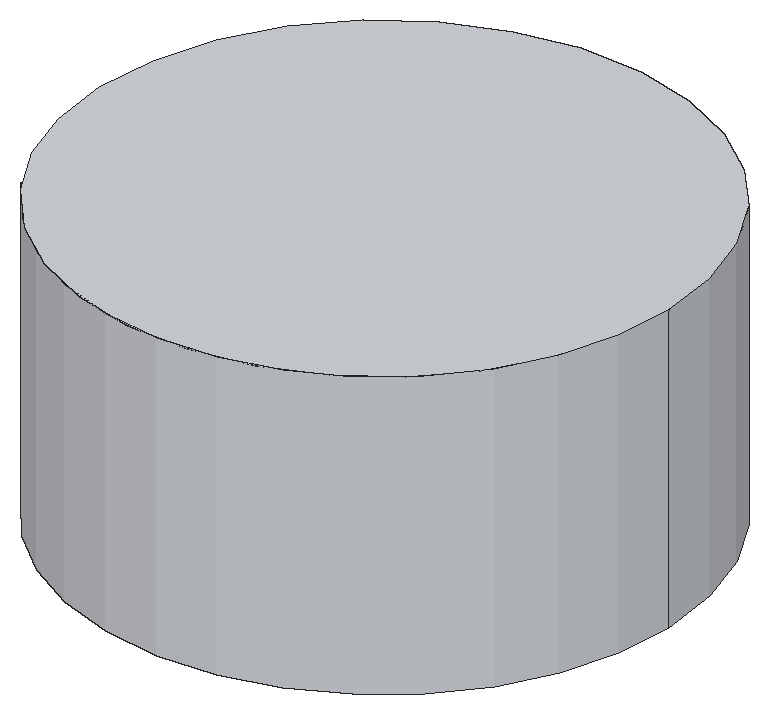
Revit family "07101200_Shrinkwrap_1", category Specialty Equipment, Revit 2020
Family settings
  Round Connector Dimension = Use Diameter
  Part Type = Normal
  OmniClass Number = 23.40.40.00
  OmniClass Title = Food Service Equipment and Furnishings
  Work Plane-Based = No
  Always vertical = Yes
  Cut with Voids When Loaded = No
  Shared = No
  Room Calculation Point = No
Parameters (values of type "Standard")
  URL = "https://www.rustfriebergh.no/produkter/kj-lte-arbeidsbord/kj-lt-arbeidsbord-rbe/"
  Model = "07101200"
  Manufacturer = "Rustfrie Bergh AS"
  Description = "Kjølt arbeidsbord RBE-1200"
  Default Elevation = 0 mm
Reference planes
  plane 1 "Center (Front/Back)": y = 0
  plane 2: z = 0
  plane 3 "Center (Left/Right)": x = 0
Forms (mm)
  Extrusion 1, solid
    sketch origin (-254.4, 259.249, 148.5) x (0, 1, 0) y (1, 0, 0)
      loop
        circle (0, 0) r 3.048
    from 0 to -3.048
Dimensions and locks
  aligned and locked: level to plane 2
Connectors
  electrical at (-254.4, 259.249, 148.5)
    settings: on Extrusion 1, index 1, voltage 230 V, apparent load 480 VA, apparent load phase1 0 VA, apparent load phase2 0 VA, apparent load phase3 0 VA, power factor 0, load classification "Other", number of poles 1, system type 30, power factor state 1, is connector primary yes, connector utility no, sub classification motor no, connector description "230V 50/60 Hz 2,1 A"
